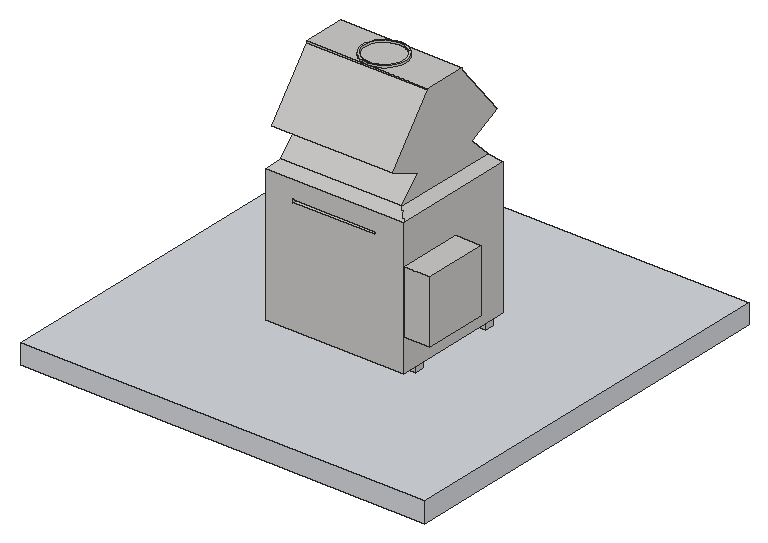
Revit family "DC_Rheem_PLM_Raypak_B0538ID", category Plumbing Fixtures, host Face, Revit 2017
Family settings
  Host = Face
  Round Connector Dimension = Use Radius
  Part Type = Normal
  Cut with Voids When Loaded = No
  Shared = No
  Room Calculation Point = No
Parameters (values of type "Raypak - Gas Water Heater- Indoor - 505 MJ/h  Propane gas, On/Off gas control")
  Width_ANZRS = 830 mm
  URL = "http://www.rheem.com.au/CommercialProducts"
  Type Comments = "Recovery 1978L/h @ 50oC rise\r\n"
  TopH2_ANZRS = 125 mm
  TopH1_ANZRS = 350 mm
  TopDiaSmall_ANZRS = 255 mm
  TopDiaBig_ANZRS = 785 mm
  T_ANZRS = 50 mm
  Materials_ANZRS = Raypak - Grey Powder Coated Steel
  PVRDist_ANZRS = 85 mm
  PRV_ANZRS = 15 mm
  Model = "B0538PCO/ID\r\n\r\n\r\n"
  Manufacturer = "Raypak\r\n"
  Length_ANZRS = 750 mm
  L1_ANZRS = 387 mm
  HotWateroutletradius_ANZRS = 32.5 mm
  HotWateroutletDiameter_ANZRS = HotWateroutletradius_ANZRS * 2  # 65 mm
  HotWaterConn.Dist_ANZRS = 155 mm
  Height_ANZRS = 1460 mm
  H1_ANZRS = 935 mm
  GasInletradius_ANZRS = 12.5 mm
  GasInletHeight_ANZRS = 435 mm
  GasInletDiameter_ANZRS = GasInletradius_ANZRS * 2  # 25 mm
  GasConn.Dist_ANZRS = 95 mm
  EleBoxW_ANZRS = 160 mm
  EleBoxHeightFromBase_ANZRS = 235 mm
  EleBoxHeight_ANZRS = 380 mm
  DesignBy_ANZRS = "Design Content ©"
  Description = "Raypak - Gas Water Heater- Indoor - 505 MJ/h  Propane gas, On/Off gas control"
  Default Elevation = 0 mm  # constant formula
  ConnHeight_ANZRS = 745 mm
  ColdWaterInletRadius_ANZRS = 32.5 mm
  ColdWaterInletDiameter_ANZRS = ColdWaterInletRadius_ANZRS * 2  # 65 mm
  ColdWaterConn.Dist_ANZRS = 280 mm
  BoxHeight_ANZRS = 850 mm
  Base1Dist_ANZRS = 75 mm
  BaseWidth_ANZRS = 55 mm
  BaseHeight_ANZRS = 35 mm
  Basae2Dist_ANZRS = 95 mm
  Author_ANZRS = "DM"
  Assembly Code = ""
Types (4, lengths in mm): name | Type Comments | Model | GasInletradius_ANZRS | GasInletDiameter_ANZRS | Description
  Raypak - Gas Water Heater- Indoor - 539 MJ/h  Natural gas, modulating gas control | "Recovery 2064L/h @ 50oC rise\r\n" | "B0538NCM/ID\r\n" | 12.5 | 25 | "Raypak - Gas Water Heater- Indoor - 539 MJ/h  Natural gas, modulating gas control\r\n"
  Raypak - Gas Water Heater- Indoor - 539  MJ/h  Natural gas, On/Off gas control | "Recovery 2064L/h @ 50oC rise\r\n" | "B0538NCO/ID\r\n" | 12.5 | 25 | "Raypak - Gas Water Heater- Indoor - 539  MJ/h  Natural gas, On/Off gas control\r\n"
  Raypak - Gas Water Heater- Indoor - 505 MJ/h  Propane gas, modulating gas control | "Recovery 1978L/h @ 50oC rise\r\n" | "B0538PCM/ID\r\n\r\n" | 10 | 20 | "Raypak - Gas Water Heater- Indoor - 505 MJ/h  Propane gas, modulating gas control\r\n"
  Raypak - Gas Water Heater- Indoor - 505 MJ/h  Propane gas, On/Off gas control | "Recovery 1978L/h @ 50oC rise\r\n" | "B0538PCO/ID\r\n\r\n\r\n" | 12.5 | 25 | "Raypak - Gas Water Heater- Indoor - 505 MJ/h  Propane gas, On/Off gas control"
Reference planes
  plane 1 "Center (Front/Back)": y = 0
  plane 2: z = 0
  plane 3 "Center (Left/Right)": x = 0
  plane 4: y = 375
  plane 5: y = -375
  plane 6: x = -415
  plane 7: x = 415
  plane 8: z = 35
  plane 9: z = 850
  plane 10: y = 300
  plane 11: y = 245
  plane 12: y = -225
  plane 13: y = -280
  plane 14: y = -280
  plane 15: y = 220
  plane 16: y = -60
  plane 17: z = 745
  plane 18: y = 290
  plane 19: y = 127.5
  plane 20: y = -127.5
  plane 21: y = 392.5
  plane 22: y = -392.5
  plane 23: z = 1460
  plane 24: z = 1110
  plane 25: z = 985
  plane 26: y = 325
  plane 27: y = -325
  plane 28: z = 900
  plane 29: z = 435
  plane 30: x = -392.5
  plane 31: x = 392.5
  plane 32: x = -127.5
  plane 33: x = 127.5
  plane 34: x = 575
  plane 35: z = 615
  plane 36: z = 235
  plane 37: z = 725
  plane 38: x = 250
  plane 39: x = -250
  plane 40: y = -365
  plane 41: x = -405
  plane 42: z = 1440
  plane 43: z = 1450
  plane 44: y = -117.5
  plane 45 "Electrical Box End": y = 10
Forms (mm)
  Extrusion 1, solid
    sketch origin (0, 0, 0) x (1, 0, 0) y (0, 1, 0)
      loop
        line (-1219.2, 1219.2) -> (-1219.2, -1219.2) -> (1219.2, -1219.2) -> (1219.2, 1219.2) -> (-1219.2, 1219.2)
    from 0 to -120
  Extrusion 2, solid, material "Raypak - Grey Powder Coated Steel" <- "Materials_ANZRS"
    sketch origin (0, 0, 0) x (1, 0, 0) y (0, 1, 0)
      loop
        line (-415, 375) -> (-415, -375) -> (415, -375) -> (415, 375) -> (-415, 375)
    from 35 to 850
  Extrusion 3, solid, material "Raypak - Grey Powder Coated Steel" <- "Materials_ANZRS"
    sketch origin (0, 0, 0) x (0, 1, 0) y (0, 0, 1)
      loop
        line (300, 35) -> (245, 35) -> (245, 0) -> (300, 0) -> (300, 35)
      loop
        line (-225, 35) -> (-280, 35) -> (-280, 0) -> (-225, 0) -> (-225, 35)
    from -415 to 415
  Extrusion 4, solid, material "Raypak - Grey Powder Coated Steel" <- "Materials_ANZRS"
    sketch origin (0, 0, 0) x (1, 0, 0) y (0, 0, 1)
      loop
        line (415, 615) -> (415, 235) -> (575, 235) -> (575, 615) -> (415, 615)
    from -10 to 375
  Extrusion 5, void
    sketch origin (0, 0, 0) x (1, 0, 0) y (0, 0, 1)
      loop
        line (-250, 745) -> (-250, 725) -> (250, 725) -> (250, 745) -> (-250, 745)
    from 344.946 to 375
  Extrusion 6, void
    sketch origin (0, 0, 0) x (0, 1, 0) y (0, 0, 1)
      loop
        circle (290, 745) r 15
      loop
        circle (220, 745) r 32.5
      loop
        circle (-60, 745) r 32.5
      loop
        circle (-280, 435) r 12.5
    from -415 to -405
  Blend 7, solid, material "Raypak - Grey Powder Coated Steel" <- "Materials_ANZRS"
    base sketch origin (0, 0, 0) x (1, 0, 0) y (0, 1, 0)
      loop
        line (-415, 375) -> (-415, -375) -> (415, -375) -> (415, 375) -> (-415, 375)
    top sketch origin (0, 0, 0) x (1, 0, 0) y (0, 1, 0)
      loop
        line (365, 325) -> (-365, 325) -> (-365, -325) -> (365, -325) -> (365, 325)
    from 850 to 900
  Extrusion 8, solid, material "Raypak - Grey Powder Coated Steel" <- "Materials_ANZRS"
    sketch origin (0, 0, 0) x (0, 1, 0) y (0, 0, 1)
      loop
        line (127.5, 1440) -> (127.5, 1450) -> (-127.5, 1450) -> (-127.5, 1440) -> (-392.5, 1110) -> (-200.648, 1024.352) -> (-325, 900) -> (325, 900) -> (200.648, 1024.352) -> (392.5, 1110) -> (127.5, 1440)
    from -365 to 365
  Revolve 9, solid, material "Raypak - Grey Powder Coated Steel" <- "Materials_ANZRS"
    sketch origin (0, 0, 0) x (0, 1, 0) y (0, 0, 1)
      loop
        line (-127.5, 1450) -> (-117.5, 1450) -> (-117.5, 1460) -> (-127.5, 1460) -> (-127.5, 1450)
      axis (0, 1460) -> (0, 1450)
    angle from 0 to 360
Cuts and joins
  Extrusion 5, Extrusion 6 cuts Extrusion 2
Lines and regions (mm)
  Masking region 1
    outline origin (0, 0, 0) x (1, 0, 0) y (0, 0, 1)
      loop
        line (-365, 1450) -> (-365, 900) -> (-415, 850) -> (-415, 0) -> (415, 0) -> (415, 235) -> (575, 235) -> (575, 615) -> (415, 615) -> (415, 850) -> (365, 900) -> (365, 1450) -> (127.5, 1450) -> (127.5, 1460) -> (-127.5, 1460) -> (-127.5, 1450) -> (-365, 1450)
  Masking region 2
    outline origin (0, 0, 0) x (0, 1, 0) y (0, 0, 1)
      loop
        line (-127.5, 1460) -> (-127.5, 1440) -> (-392.5, 1110) -> (-200.648, 1024.352) -> (-375, 850) -> (-375, 0) -> (375, 0) -> (375, 850) -> (200.648, 1024.352) -> (392.5, 1110) -> (127.5, 1440) -> (127.5, 1460) -> (-127.5, 1460)
  symbolic lines, style "Raypak - Raypak", detail levels fine
    curve 1: line (-365, 392.5, 0) -> (365, 392.5, 0)
    curve 2: line (-365, -392.5, 0) -> (-365, 392.5, 0)
    curve 3: line (365, -392.5, 0) -> (-365, -392.5, 0)
    curve 4: line (365, 392.5, 0) -> (365, -392.5, 0)
    curve 5: line (365, 127.5, 0) -> (-365, 127.5, 0)
    curve 6: line (-365, -127.5, 0) -> (365, -127.5, 0)
    curve 7: arc (0, 127.5, 0) -> (127.5, 0, 0) -> (0, -127.5, 0) r 127.5
    curve 8: arc (0, -127.5, 0) -> (-127.5, 0, 0) -> (0, 127.5, 0) r 127.5
    curve 9: arc (0, -117.5, 0) -> (-117.5, 0, 0) -> (0, 117.5, 0) r 117.5
    curve 10: arc (0, 117.5, 0) -> (117.5, 0, 0) -> (0, -117.5, 0) r 117.5
    curve 11: line (-415, 375, 0) -> (-415, -375, 0)
    curve 12: line (415, -375, 0) -> (415, 375, 0)
    curve 13: line (-415, -375, 0) -> (-365, -375, 0)
    curve 14: line (415, 375, 0) -> (365, 375, 0)
    curve 15: line (365, 325, 0) -> (415, 375, 0)
    curve 16: line (415, -375, 0) -> (365, -325, 0)
    curve 17: line (-415, -375, 0) -> (-365, -325, 0)
    curve 18: line (-415, 375, 0) -> (-365, 325, 0)
    curve 19: line (575, 10, 0) -> (415, 10, 0)
    curve 20: line (575, -375, 0) -> (575, 10, 0)
    curve 21: line (415, -375, 0) -> (575, -375, 0)
    curve 22: line (365, -375, 0) -> (415, -375, 0)
    curve 23: line (-365, 375, 0) -> (-415, 375, 0)
    curve 24: line (-365, 0, 1450) -> (-365, 0, 900)
    curve 25: line (365, 0, 1450) -> (-365, 0, 1450)
    curve 26: line (-127.5, 0, 1460) -> (127.5, 0, 1460)
    curve 27: line (127.5, 0, 1450) -> (127.5, 0, 1460)
    curve 28: line (-127.5, 0, 1450) -> (-127.5, 0, 1460)
    curve 29: line (-365, 0, 1440) -> (365, 0, 1440)
    curve 30: line (-365, 0, 1110) -> (365, 0, 1110)
    curve 31: line (-365, 0, 1024.352) -> (365, 0, 1024.352)
    curve 32: line (-365, 0, 900) -> (365, 0, 900)
    curve 33: line (-365, 0, 900) -> (-415, 0, 850)
    curve 34: line (415, 0, 850) -> (365, 0, 900)
    curve 35: line (415, 0, 35) -> (415, 0, 850)
    curve 36: line (-415, 0, 850) -> (-415, 0, 35)
    curve 37: line (-415, 0, 850) -> (415, 0, 850)
    curve 38: line (-415, 0, 35) -> (415, 0, 35)
    curve 39: line (-415, 0, 35) -> (-415, 0, 0)
    curve 40: line (-415, 0, 0) -> (415, 0, 0)
    curve 41: line (415, 0, 0) -> (415, 0, 35)
    curve 42: line (415, 0, 235) -> (575, 0, 235)
    curve 43: line (575, 0, 235) -> (575, 0, 615)
    curve 44: line (575, 0, 615) -> (415, 0, 615)
    curve 45: line (250, 0, 745) -> (-250, 0, 745)
    curve 46: line (250, 0, 725) -> (250, 0, 745)
    curve 47: line (-250, 0, 725) -> (250, 0, 725)
    curve 48: line (-250, 0, 745) -> (-250, 0, 725)
    curve 49: line (0, -127.5, 1460) -> (0, 127.5, 1460)
    curve 50: line (0, 127.5, 1450) -> (0, -127.5, 1450)
    curve 51: line (0, -127.5, 1460) -> (0, -127.5, 1440)
    curve 52: line (0, 127.5, 1440) -> (0, 127.5, 1460)
    curve 53: line (0, -127.5, 1440) -> (0, -392.5, 1110)
    curve 54: line (0, 392.5, 1110) -> (0, 127.5, 1440)
    curve 55: line (0, 200.648, 1024.352) -> (0, 392.5, 1110)
    curve 56: line (0, -392.5, 1110) -> (0, -200.648, 1024.352)
    curve 57: line (0, -200.648, 1024.352) -> (0, -375, 850)
    curve 58: line (0, 375, 850) -> (0, 200.648, 1024.352)
    curve 59: line (0, -375, 850) -> (0, 375, 850)
    curve 60: line (0, -325, 900) -> (0, 325, 900)
    curve 61: line (0, -375, 850) -> (0, -375, 35)
    curve 62: line (0, 375, 35) -> (0, 375, 850)
    curve 63: line (0, -375, 35) -> (0, 375, 35)
    curve 64: line (0, 245, 35) -> (0, 245, 0)
    curve 65: line (0, 300, 0) -> (0, 300, 35)
    curve 66: line (0, 245, 0) -> (0, 300, 0)
    curve 67: line (0, -225, 0) -> (0, -225, 35)
    curve 68: line (0, -280, 35) -> (0, -280, 0)
    curve 69: line (0, -280, 0) -> (0, -225, 0)
    curve 70: arc (0, -292.5, 435) -> (0, -280, 422.5) -> (0, -267.5, 435) r 12.5
    curve 71: arc (0, -267.5, 435) -> (0, -280, 447.5) -> (0, -292.5, 435) r 12.5
    curve 72: arc (0, -92.5, 745) -> (0, -60, 712.5) -> (0, -27.5, 745) r 32.5
    curve 73: arc (0, -27.5, 745) -> (0, -60, 777.5) -> (0, -92.5, 745) r 32.5
    curve 74: arc (0, 187.5, 745) -> (0, 220, 712.5) -> (0, 252.5, 745) r 32.5
    curve 75: arc (0, 252.5, 745) -> (0, 220, 777.5) -> (0, 187.5, 745) r 32.5
    curve 76: arc (0, 305, 745) -> (0, 290, 760) -> (0, 275, 745) r 15
    curve 77: arc (0, 275, 745) -> (0, 290, 730) -> (0, 305, 745) r 15
Dimensions and locks
  equal spacing: plane 4, plane 1 "Center (Front/Back)", plane 5
  "Length_ANZRS": plane 4 to plane 5
  equal spacing: plane 6, plane 3 "Center (Left/Right)", plane 7
  "Width_ANZRS": plane 6 to plane 7
  "BaseHeight_ANZRS": plane 8 to Extrusion 1
  "BoxHeight_ANZRS": plane 9 to Extrusion 1
  "Base1Dist_ANZRS": plane 4 to plane 10
  "BaseWidth_ANZRS": plane 10 to plane 11
  "Basae2Dist_ANZRS": plane 13 to plane 5
  "BaseWidth_ANZRS": plane 12 to plane 13
  "GasConn.Dist_ANZRS": plane 14 to plane 5
  "HotWaterConn.Dist_ANZRS": plane 4 to plane 15
  "ColdWaterConn.Dist_ANZRS": plane 15 to plane 16
  "ConnHeight_ANZRS": plane 17 to Extrusion 1
  "PVRDist_ANZRS": plane 4 to plane 18
  equal spacing: plane 19, plane 1 "Center (Front/Back)", plane 20
  "TopDiaSmall_ANZRS": plane 19 to plane 20
  equal spacing: plane 21, plane 1 "Center (Front/Back)", plane 22
  "TopDiaBig_ANZRS": plane 21 to plane 22
  "Height_ANZRS": plane 23 to Extrusion 1
  "T_ANZRS": plane 4 to plane 26
  "T_ANZRS": plane 27 to plane 5
  "TopH1_ANZRS": plane 23 to plane 24
  "TopH2_ANZRS": plane 24 to plane 25
  "GasInletHeight_ANZRS": plane 29 to Extrusion 1
  equal spacing: plane 32, plane 3 "Center (Left/Right)", plane 33
  equal spacing: plane 30, plane 3 "Center (Left/Right)", plane 31
  "TopDiaBig_ANZRS": plane 30 to plane 31
  "TopDiaSmall_ANZRS": plane 32 to plane 33
  "EleBoxW_ANZRS": plane 34 to plane 7
  "EleBoxHeight_ANZRS": plane 35 to plane 36
  "EleBoxHeightFromBase_ANZRS": plane 36 to Extrusion 1
  equal spacing: plane 38, plane 3 "Center (Left/Right)", plane 39
  plane 38 to plane 39 = 500 mm
  locked: plane 40 to plane 5 at 10
  locked: plane 6 to plane 41 at 10
  "T_ANZRS": plane 28 to plane 9
  plane 23 to plane 42 = 20 mm
  equal spacing: plane 23, plane 43, plane 42
  locked: plane 44 to plane 20 at 10
  "GasInletradius_ANZRS": radius of Extrusion 6 sketch curve
  "ColdWaterInletRadius_ANZRS": radius of Extrusion 6 sketch curve
  "HotWateroutletradius_ANZRS": radius of Extrusion 6 sketch curve
  "PRV_ANZRS": radius of Extrusion 6 sketch curve
  aligned and locked: plane 2 to Extrusion 1
  aligned and locked: level to Extrusion 1
  aligned and locked: Extrusion 2 sketch curve to plane 4
  aligned and locked: plane 6 to Extrusion 2 sketch curve
  aligned and locked: Extrusion 2 sketch curve to plane 5
  aligned and locked: plane 7 to Extrusion 2 sketch curve
  aligned and locked: Extrusion 2 to plane 8
  aligned and locked: plane 9 to Extrusion 2
  aligned and locked: plane 8 to Extrusion 3 sketch curve  (x2)
  aligned and locked: Extrusion 3 sketch curve to plane 10
  aligned and locked: Extrusion 3 sketch curve to level  (x2)
  aligned and locked: plane 11 to Extrusion 3 sketch curve
  aligned and locked: Extrusion 3 sketch curve to plane 12
  aligned and locked: plane 14 to Extrusion 3 sketch curve
  aligned and locked: Extrusion 3 to plane 6
  aligned and locked: Extrusion 3 to plane 7
  aligned and locked: Extrusion 4 sketch curve to plane 35
  aligned and locked: Extrusion 4 sketch curve to plane 7
  aligned and locked: plane 36 to Extrusion 4 sketch curve
  aligned and locked: Extrusion 4 sketch curve to plane 34
  aligned and locked: Extrusion 5 sketch curve to plane 17
  aligned and locked: plane 39 to Extrusion 5 sketch curve
  aligned and locked: plane 37 to Extrusion 5 sketch curve
  aligned and locked: Extrusion 5 sketch curve to plane 38
  aligned and locked: plane 5 to Extrusion 5
  aligned and locked: plane 17 to Extrusion 6 sketch curve  (x3)
  aligned and locked: plane 18 to Extrusion 6 sketch curve
  aligned and locked: plane 15 to Extrusion 6 sketch curve
  aligned and locked: plane 16 to Extrusion 6 sketch curve
  aligned and locked: plane 14 to Extrusion 6 sketch curve
  aligned and locked: plane 29 to Extrusion 6 sketch curve
  aligned and locked: Extrusion 6 to plane 6
  aligned and locked: Extrusion 6 to plane 41
  aligned and locked: Blend 7 sketch curve to cut or joined group of Extrusion 2, Extrusion 5, Extrusion 6  (x4)
  aligned and locked: Blend 7 to plane 9
  aligned and locked: plane 28 to Blend 7
  aligned and locked: plane 19 to Extrusion 8 sketch curve
  aligned and locked: Extrusion 8 sketch curve to plane 20
  aligned and locked: Extrusion 8 sketch curve to Blend 7  (x2)
  aligned and locked: plane 28 to Extrusion 8 sketch curve
  aligned and locked: Extrusion 8 to Blend 7  (x2)
  aligned and locked: Extrusion 8 sketch curve to plane 43
  aligned and locked: Revolve 9 sketch curve to plane 20
  aligned and locked: plane 23 to Revolve 9 sketch curve
  aligned and locked: Extrusion 8 to Revolve 9 sketch curve
  aligned and locked: Revolve 9 sketch curve to plane 44
  aligned and locked: Masking region 1 sketch curve to Extrusion 8  (x3)
  aligned and locked: Masking region 1 sketch curve to Revolve 9
  aligned and locked: Masking region 1 sketch curve to Blend 7  (x2)
  aligned and locked: Masking region 1 sketch curve to cut or joined group of Extrusion 2, Extrusion 5, Extrusion 6  (x2)
  aligned and locked: Extrusion 1 to Masking region 1 sketch curve
  aligned and locked: Masking region 1 sketch curve to plane 33
  aligned and locked: Masking region 1 sketch curve to plane 32
  aligned and locked: Masking region 1 sketch curve to plane 35
  aligned and locked: Masking region 1 sketch curve to plane 34
  aligned and locked: Masking region 1 sketch curve to plane 36
  aligned and locked: Masking region 2 sketch curve to Revolve 9
  aligned and locked: Masking region 2 sketch curve to Extrusion 8  (x8)
  aligned and locked: Masking region 2 sketch curve to cut or joined group of Extrusion 2, Extrusion 5, Extrusion 6  (x2)
  aligned and locked: Extrusion 1 to Masking region 2 sketch curve
  aligned: cut or joined group of Extrusion 2, Extrusion 5, Extrusion 6 to Extrusion 4
  aligned and locked: cut or joined group of Extrusion 2, Extrusion 5, Extrusion 6 to Extrusion 4
  aligned and locked: Extrusion 4 to plane 45 "Electrical Box End"
  aligned and locked: curve 19 to plane 45 "Electrical Box End"
  aligned and locked: curve 75 to cut or joined group of Extrusion 2, Extrusion 5, Extrusion 6
  aligned and locked: curve 73 to cut or joined group of Extrusion 2, Extrusion 5, Extrusion 6
  aligned and locked: curve 71 to cut or joined group of Extrusion 2, Extrusion 5, Extrusion 6
Automatic sketch dimensions
  Extrusion 1 sketch curve to Extrusion 1 sketch curve = 2438.4 mm  (x2)
  Blend 7 sketch curve to plane 27 = 0 mm
  plane 26 to Blend 7 sketch curve = 0 mm
  Blend 7 sketch curve to plane 41 = 40 mm
  plane 7 to Blend 7 sketch curve = 50 mm
  Extrusion 8 sketch curve to plane 22 = 0 mm
  Extrusion 8 sketch curve to plane 21 = 0 mm
  Extrusion 8 sketch curve to plane 24 = 0 mm  (x2)
  Extrusion 8 sketch curve to plane 42 = 0 mm  (x2)
  Extrusion 8 sketch curve to plane 12 = 24.352 mm
  plane 15 to Extrusion 8 sketch curve = 19.352 mm
  Revolve 9 sketch curve to plane 1 "Center (Front/Back)" = 0 mm
  Revolve 9 sketch curve to level = 2207.352 mm
  plane 23 to Revolve 9 sketch curve = 883.807 mm
  Masking region 1 sketch curve to plane 43 = 0 mm
  plane 7 to Masking region 1 sketch curve = 0 mm
  curve 40 to level = 0 mm
  curve 39 to plane 6 = 0 mm
  curve 29 to plane 42 = 0 mm
  curve 30 to plane 24 = 0 mm
  curve 32 to plane 28 = 0 mm
  curve 47 to plane 37 = 0 mm
  curve 47 to plane 39 = 0 mm
  plane 32 to curve 26 = 0 mm
  plane 33 to curve 27 = 0 mm
  curve 46 to plane 17 = 0 mm
  curve 46 to plane 38 = 0 mm
  plane 7 to curve 40 = 0 mm
  curve 42 to plane 34 = 0 mm
  curve 39 to plane 8 = 0 mm
  curve 43 to plane 36 = 0 mm
  curve 44 to plane 35 = 0 mm
  curve 37 to plane 9 = 0 mm
  curve 27 to plane 43 = 0 mm
  curve 27 to plane 23 = 0 mm
  curve 24 to plane 30 = 27.5 mm
  curve 34 to plane 31 = 27.5 mm
  curve 25 to plane 31 = 27.5 mm
  curve 31 to plane 31 = 27.5 mm
  curve 30 to plane 31 = 27.5 mm
  curve 25 to curve 29 = 0 mm
  curve 31 to plane 25 = 39.352 mm
  curve 53 to plane 22 = 0 mm
  curve 61 to plane 5 = 0 mm
  curve 60 to plane 27 = 0 mm
  curve 68 to plane 13 = 0 mm
  curve 69 to plane 12 = 0 mm
  curve 53 to plane 20 = 0 mm
  curve 54 to plane 19 = 0 mm
  curve 64 to level = 0 mm
  curve 66 to plane 11 = 0 mm
  curve 77 to plane 17 = 0 mm
  curve 77 to plane 18 = 0 mm
  curve 66 to plane 10 = 0 mm
  curve 60 to plane 26 = 0 mm
  curve 63 to plane 4 = 0 mm
  curve 54 to plane 21 = 0 mm
  curve 68 to level = 0 mm
  curve 67 to plane 8 = 0 mm
  curve 57 to plane 9 = 0 mm
  curve 60 to plane 28 = 0 mm
  curve 53 to plane 24 = 0 mm
  curve 55 to plane 24 = 0 mm
  plane 42 to curve 54 = 0 mm
  curve 53 to plane 42 = 0 mm
  curve 50 to plane 43 = 0 mm
  curve 52 to plane 23 = 0 mm
  curve 56 to plane 12 = 24.352 mm
  plane 15 to curve 58 = 19.352 mm
  plane 18 to curve 77 = 15 mm
  curve 7 to curve 9 = 0 mm  (x2)
  curve 8 to curve 9 = 0 mm
  plane 5 to curve 11 = 0 mm
  curve 11 to plane 6 = 0 mm
  curve 2 to plane 21 = 0 mm
  curve 23 to plane 4 = 0 mm
  plane 26 to curve 18 = 0 mm
  curve 5 to plane 19 = 0 mm
  plane 20 to curve 6 = 0 mm
  curve 17 to plane 27 = 0 mm
  plane 22 to curve 2 = 0 mm
  curve 8 to plane 3 "Center (Left/Right)" = 0 mm
  plane 5 to curve 22 = 0 mm
  curve 14 to plane 4 = 0 mm
  plane 26 to curve 15 = 0 mm
  curve 16 to plane 27 = 0 mm
  curve 16 to plane 7 = 0 mm
  curve 20 to plane 34 = 0 mm
  plane 44 to curve 9 = 0 mm
  curve 2 to plane 30 = 27.5 mm
  curve 22 to plane 31 = 27.5 mm
Connectors
  piping at (-415, 290, 745), diameter 30, driven by "PRV_ANZRS"
    settings: on cut or joined group of Extrusion 2, Extrusion 5, Extrusion 6, index 1, connector inside diameter 1.1811", connector length 0 mm, flow factor 0, pipe flow 0 GPM, pressure drop 0.00 psi, fitting loss kfactor 0, connector angle 0.00°, fixture units 0, engagement length 0 mm, angle of deflection 0.00°, flow configuration 1, flow direction 2, fitting loss method 0, system type 22, joint type 0, gender type 0, connector reference index -1, connector utility 0, adjustable connector no, is connector primary yes, connector description ""
  piping at (-415, 220, 745), diameter 65, driven by "HotWateroutletradius_ANZRS"
    settings: on cut or joined group of Extrusion 2, Extrusion 5, Extrusion 6, index 2, connector inside diameter 2.55906", connector length 0 mm, flow factor 0, pipe flow 0 GPM, pressure drop 0.00 psi, fitting loss kfactor 0, connector angle 0.00°, fixture units 0, engagement length 0 mm, angle of deflection 0.00°, flow configuration 1, flow direction 1, fitting loss method 0, system type 19, joint type 0, gender type 0, connector reference index -1, connector utility 0, adjustable connector no, is connector primary no, connector description ""
  piping at (-415, -60, 745), diameter 65, driven by "ColdWaterInletRadius_ANZRS"
    settings: on cut or joined group of Extrusion 2, Extrusion 5, Extrusion 6, index 3, connector inside diameter 2.55906", connector length 0 mm, flow factor 0, pipe flow 0 GPM, pressure drop 0.00 psi, fitting loss kfactor 0, connector angle 0.00°, fixture units 0, engagement length 0 mm, angle of deflection 0.00°, flow configuration 1, flow direction 1, fitting loss method 0, system type 20, joint type 0, gender type 0, connector reference index -1, connector utility 0, adjustable connector no, is connector primary no, connector description ""
  piping at (-415, -280, 435), diameter 25, driven by "GasInletradius_ANZRS"
    settings: on cut or joined group of Extrusion 2, Extrusion 5, Extrusion 6, index 4, connector inside diameter 0.98425", connector length 0 mm, flow factor 0, pipe flow 0 GPM, pressure drop 0.00 psi, fitting loss kfactor 0, connector angle 0.00°, fixture units 0, engagement length 0 mm, angle of deflection 0.00°, flow configuration 1, flow direction 1, fitting loss method 0, system type 22, joint type 0, gender type 0, connector reference index -1, connector utility 0, adjustable connector no, is connector primary no, connector description "Gas"
